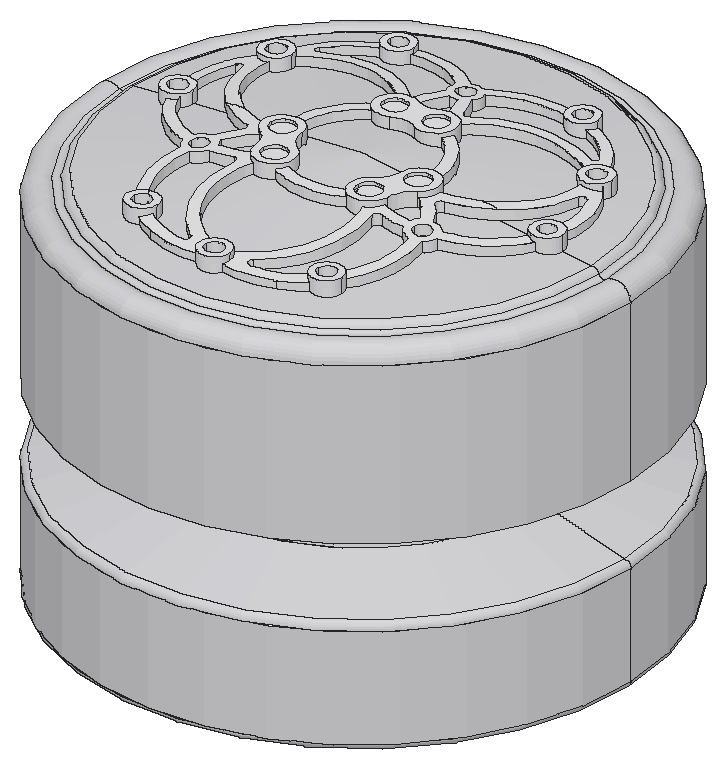
Revit family "Shower-Bodyspray-KOHLER-AWAKEN-K-97007T_1", category Plumbing Fixtures, host Face, Revit 2017 (continued)
Definition of nested family "K-97007T"
  Automatic sketch dimensions
    Extrusion 4 sketch curve to Extrusion 4 sketch curve = 0.06486"
    Extrusion 4 sketch curve to Extrusion 4 sketch curve = 0.06331"
    Extrusion 4 sketch curve to Extrusion 4 sketch curve = 0.00418"
    Extrusion 4 sketch curve to Extrusion 4 sketch curve = 0.00913"
    Extrusion 4 sketch curve to Extrusion 4 sketch curve = 0.00061"
    Extrusion 4 sketch curve to Extrusion 4 sketch curve = 0.00457"
    Extrusion 4 sketch curve to Extrusion 4 sketch curve = 0.01416"  (x2)
    Extrusion 4 sketch curve to Extrusion 4 sketch curve = 0.00005"  (x2)
    Extrusion 4 sketch curve to Extrusion 4 sketch curve = 0.00022"  (x2)
    Extrusion 4 sketch curve to Extrusion 4 sketch curve = 0.00713"
    Extrusion 4 sketch curve to Extrusion 4 sketch curve = 0.01041"
    Extrusion 4 sketch curve to Extrusion 4 sketch curve = 3/256"
    Extrusion 4 sketch curve to Extrusion 4 sketch curve = 0.0014"
    Extrusion 4 sketch curve to Extrusion 4 sketch curve = 0.00145"
    Extrusion 4 sketch curve to Extrusion 4 sketch curve = 0.00077"
    Extrusion 4 sketch curve to Extrusion 4 sketch curve = 0.00576"
    Extrusion 4 sketch curve to Extrusion 4 sketch curve = 0.00796"
    Extrusion 4 sketch curve to Extrusion 4 sketch curve = 0.00769"
    Extrusion 4 sketch curve to Extrusion 4 sketch curve = 0.00266"
    Extrusion 4 sketch curve to Extrusion 4 sketch curve = 0.12628"
    Extrusion 4 sketch curve to Extrusion 4 sketch curve = 0.11611"
    Extrusion 4 sketch curve to Extrusion 4 sketch curve = 0.00021"
    Extrusion 4 sketch curve to Extrusion 4 sketch curve = 0.11338"
    Extrusion 4 sketch curve to Extrusion 4 sketch curve = 0.09188"
    Extrusion 4 sketch curve to Extrusion 4 sketch curve = 0.09644"
    Extrusion 4 sketch curve to Extrusion 4 sketch curve = 0.10846"
    Extrusion 4 sketch curve to Extrusion 4 sketch curve = 0.01266"
    Extrusion 4 sketch curve to Extrusion 4 sketch curve = 0.1526"
    Extrusion 4 sketch curve to Extrusion 4 sketch curve = 0.15736"
    Extrusion 4 sketch curve to plane 3 "Center (Left/Right)" = 0.01555"
    Extrusion 4 sketch curve to plane 3 "Center (Left/Right)" = 0.02179"
    Extrusion 4 sketch curve to plane 3 "Center (Left/Right)" = 0.02293"
    Extrusion 4 sketch curve to plane 3 "Center (Left/Right)" = 0.02763"
    Extrusion 4 sketch curve to Extrusion 4 sketch curve = 0.03045"
    Extrusion 4 sketch curve to Extrusion 4 sketch curve = 0.02771"
    Extrusion 4 sketch curve to Extrusion 4 sketch curve = 0.0203"
    Extrusion 4 sketch curve to Extrusion 4 sketch curve = 0.03277"
    Extrusion 4 sketch curve to Extrusion 4 sketch curve = 0.01729"
    Extrusion 4 sketch curve to Extrusion 4 sketch curve = 0.02018"  (x2)
    Extrusion 4 sketch curve to Extrusion 4 sketch curve = 0.01667"
    Extrusion 4 sketch curve to Extrusion 4 sketch curve = 0.00788"  (x2)
    Extrusion 4 sketch curve to Extrusion 4 sketch curve = 0.04011"
    Extrusion 4 sketch curve to Extrusion 4 sketch curve = 0.01522"
    Extrusion 4 sketch curve to Extrusion 4 sketch curve = 0.03349"
    Extrusion 4 sketch curve to Extrusion 4 sketch curve = 0.04046"
    Extrusion 4 sketch curve to Extrusion 4 sketch curve = 0.09516"  (x2)
    Extrusion 4 sketch curve to Extrusion 4 sketch curve = 0.01477"  (x2)
    plane 1 "Center (Front/Back)" to Extrusion 4 sketch curve = 0.02283"
    Extrusion 4 sketch curve to Extrusion 4 sketch curve = 0.01436"
    Extrusion 4 sketch curve to Extrusion 4 sketch curve = 0.01375"  (x2)
    Extrusion 4 sketch curve to Extrusion 4 sketch curve = 0.0107"
    Extrusion 4 sketch curve to Extrusion 4 sketch curve = 0.03509"
    Extrusion 4 sketch curve to Extrusion 4 sketch curve = 0.03083"
    Extrusion 4 sketch curve to Extrusion 4 sketch curve = 0.02643"
    Extrusion 4 sketch curve to Extrusion 4 sketch curve = 0.00721"
    Extrusion 4 sketch curve to Extrusion 4 sketch curve = 0.00622"
    Extrusion 4 sketch curve to Extrusion 4 sketch curve = 0.05789"
    Extrusion 4 sketch curve to Extrusion 4 sketch curve = 0.01275"
    Extrusion 4 sketch curve to Extrusion 4 sketch curve = 0.02181"
    Extrusion 4 sketch curve to Extrusion 4 sketch curve = 0.00803"
    Extrusion 4 sketch curve to Extrusion 4 sketch curve = 0.03401"
    Extrusion 4 sketch curve to Extrusion 4 sketch curve = 0.03488"
    Extrusion 4 sketch curve to Extrusion 4 sketch curve = 0.00436"
    Extrusion 4 sketch curve to Extrusion 4 sketch curve = 0.03891"
    Extrusion 4 sketch curve to Extrusion 4 sketch curve = 0.01213"
    Extrusion 4 sketch curve to Extrusion 4 sketch curve = 0.048"
    Extrusion 4 sketch curve to Extrusion 4 sketch curve = 0.00849"
    Extrusion 4 sketch curve to Extrusion 4 sketch curve = 0.0065"
    Extrusion 4 sketch curve to Extrusion 4 sketch curve = 0.03626"
    Extrusion 4 sketch curve to Extrusion 4 sketch curve = 0.00895"
    Extrusion 4 sketch curve to Extrusion 4 sketch curve = 0.03443"
    plane 1 "Center (Front/Back)" to Extrusion 4 sketch curve = 0.02347"
    Extrusion 4 sketch curve to plane 1 "Center (Front/Back)" = 0.03472"
    Extrusion 4 sketch curve to plane 1 "Center (Front/Back)" = 0.02787"
    plane 3 "Center (Left/Right)" to Extrusion 4 sketch curve = 1/64"
    plane 3 "Center (Left/Right)" to Extrusion 4 sketch curve = 0.02179"
    plane 3 "Center (Left/Right)" to Extrusion 4 sketch curve = 0.02763"
    plane 3 "Center (Left/Right)" to Extrusion 4 sketch curve = 0.02327"
    Extrusion 4 sketch curve to Extrusion 4 sketch curve = 0.03105"
    Extrusion 4 sketch curve to Extrusion 4 sketch curve = 0.02841"
    Extrusion 4 sketch curve to Extrusion 4 sketch curve = 0.02038"
    Extrusion 4 sketch curve to Extrusion 4 sketch curve = 0.01714"
    Extrusion 4 sketch curve to Extrusion 4 sketch curve = 0.02042"
    Extrusion 4 sketch curve to Extrusion 4 sketch curve = 0.03669"
    Extrusion 4 sketch curve to Extrusion 4 sketch curve = 0.02791"
    Extrusion 4 sketch curve to Extrusion 4 sketch curve = 0.038"
    Extrusion 4 sketch curve to Extrusion 4 sketch curve = 0.01305"
    plane 1 "Center (Front/Back)" to Extrusion 4 sketch curve = 0.02239"
    Extrusion 4 sketch curve to Extrusion 4 sketch curve = 0.03498"
    Extrusion 4 sketch curve to Extrusion 4 sketch curve = 0.03507"
    Extrusion 4 sketch curve to Extrusion 4 sketch curve = 0.02844"
    Extrusion 4 sketch curve to Extrusion 4 sketch curve = 0.0062"
    Extrusion 4 sketch curve to Extrusion 4 sketch curve = 0.01761"
    Extrusion 4 sketch curve to Extrusion 4 sketch curve = 0.05926"
    Extrusion 4 sketch curve to Extrusion 4 sketch curve = 0.0135"
    Extrusion 4 sketch curve to Extrusion 4 sketch curve = 0.0073"
    Extrusion 4 sketch curve to Extrusion 4 sketch curve = 0.017"
    Extrusion 4 sketch curve to Extrusion 4 sketch curve = 0.03442"
    Extrusion 4 sketch curve to Extrusion 4 sketch curve = 0.03486"
    Extrusion 4 sketch curve to Extrusion 4 sketch curve = 0.04978"
    Extrusion 4 sketch curve to Extrusion 4 sketch curve = 0.03808"
    Extrusion 4 sketch curve to Extrusion 4 sketch curve = 0.0425"
    Extrusion 4 sketch curve to Extrusion 4 sketch curve = 0.01182"
    Extrusion 4 sketch curve to Extrusion 4 sketch curve = 0.05009"
    Extrusion 4 sketch curve to Extrusion 4 sketch curve = 0.01097"
    Extrusion 4 sketch curve to Extrusion 4 sketch curve = 0.03585"
    Extrusion 4 sketch curve to Extrusion 4 sketch curve = 0.03367"
    plane 1 "Center (Front/Back)" to Extrusion 4 sketch curve = 0.02055"
    Extrusion 4 sketch curve to plane 1 "Center (Front/Back)" = 0.03183"
    Extrusion 4 sketch curve to Extrusion 4 sketch curve = 0.01037"
    Extrusion 4 sketch curve to Extrusion 4 sketch curve = 0.02852"
    Extrusion 4 sketch curve to plane 1 "Center (Front/Back)" = 0.02598"
    Extrusion 4 sketch curve to Extrusion 4 sketch curve = 0.11955"
    Extrusion 4 sketch curve to Extrusion 4 sketch curve = 0.10973"
    plane 3 "Center (Left/Right)" to Extrusion 4 sketch curve = 0.07638"
    Extrusion 4 sketch curve to Extrusion 4 sketch curve = 0.02854"
    Extrusion 4 sketch curve to Extrusion 4 sketch curve = 0.01351"
    Extrusion 4 sketch curve to Extrusion 4 sketch curve = 0.19176"
    Extrusion 8 sketch curve to plane 3 "Center (Left/Right)" = 0.40979"
    plane 3 "Center (Left/Right)" to Extrusion 8 sketch curve = 0.00073"
    plane 3 "Center (Left/Right)" to Extrusion 8 sketch curve = 0.41069"
    plane 1 "Center (Front/Back)" to Extrusion 8 sketch curve = 0.23708"
    Extrusion 8 sketch curve to plane 1 "Center (Front/Back)" = 0.47438"
    plane 1 "Center (Front/Back)" to Extrusion 8 sketch curve = 0.23782"
    plane 7 to Revolve 1 sketch curve = 0"  (x2)
    Revolve 1 sketch curve to level = 0"  (x2)
    Revolve 1 sketch curve to Revolve 1 sketch curve = 0.02024"
    Revolve 1 sketch curve to plane 7 = 0.02111"
    Revolve 1 sketch curve to Revolve 1 sketch curve = 0.00674"
    Revolve 1 sketch curve to Revolve 1 sketch curve = 0.05705"
    Revolve 1 sketch curve to Revolve 1 sketch curve = 0.04394"
    Revolve 1 sketch curve to Revolve 1 sketch curve = 0.04755"
    Revolve 1 sketch curve to Revolve 1 sketch curve = 0.29383"
    Revolve 1 sketch curve to Revolve 1 sketch curve = 0.0579"
    Revolve 1 sketch curve to plane 3 "Center (Left/Right)" = 0.00326"
    Revolve 1 sketch curve to plane 8 = 0.00016"
    plane 3 "Center (Left/Right)" to Revolve 1 sketch curve = 0.00031"
    Revolve 1 sketch curve to level = 3.30017"
    Revolve 1 sketch curve to Revolve 1 sketch curve = 0.37242"
    Revolve 1 sketch curve to Revolve 1 sketch curve = 0.07326"
    Revolve 1 sketch curve to Revolve 1 sketch curve = 0.18836"
    Revolve 1 sketch curve to plane 8 = 0.14943"
    Revolve 1 sketch curve to Revolve 1 sketch curve = 0.0416"
    Revolve 1 sketch curve to Revolve 1 sketch curve = 0.0129"
    Revolve 1 sketch curve to Revolve 1 sketch curve = 0"  (x3)
    plane 8 to Revolve 1 sketch curve = 0.19731"
    plane 1 "Center (Front/Back)" to Masking region 1 sketch curve = 0"
    Masking region 1 sketch curve to plane 3 "Center (Left/Right)" = 0"
    curve 3 to curve 4 = 0"  (x2)
    curve 5 to curve 6 = 0"  (x2)
    curve 5 to curve 126 = 0"  (x2)
    curve 5 to curve 127 = 0"  (x2)
    curve 6 to curve 126 = 0"  (x2)
    curve 6 to curve 127 = 0"  (x2)
    curve 12 to curve 13 = 0"  (x2)
    curve 12 to curve 128 = 0"  (x2)
    curve 12 to curve 129 = 0"  (x2)
    curve 13 to curve 128 = 0"  (x2)
    curve 13 to curve 129 = 0"  (x2)
    curve 17 to curve 18 = 0"  (x2)
    curve 19 to curve 22 = 0"  (x2)
    curve 19 to curve 132 = 0"  (x2)
    curve 19 to curve 133 = 0"  (x2)
    curve 20 to curve 21 = 0"  (x2)
    curve 20 to curve 36 = 0"  (x2)
    curve 20 to curve 39 = 0"  (x2)
    curve 21 to curve 36 = 0"  (x2)
    curve 21 to curve 39 = 0"  (x2)
    curve 22 to curve 132 = 0"  (x2)
    curve 22 to curve 133 = 0"  (x2)
    curve 30 to curve 31 = 0"  (x2)
    curve 34 to curve 35 = 0"  (x2)
    curve 34 to curve 130 = 0"  (x2)
    curve 34 to curve 131 = 0"  (x2)
    curve 35 to curve 130 = 0"  (x2)
    curve 35 to curve 131 = 0"  (x2)
    curve 36 to curve 39 = 0"  (x2)
    curve 37 to curve 38 = 0"  (x2)
    curve 45 to curve 50 = 0"  (x2)
    curve 45 to curve 51 = 0"  (x2)
    curve 48 to curve 49 = 0"  (x2)
    curve 50 to curve 51 = 0"  (x2)
    curve 61 to curve 62 = 0"  (x2)
    curve 61 to curve 65 = 0"  (x2)
    curve 61 to curve 138 = 0"  (x2)
    curve 61 to curve 139 = 0"  (x2)
    curve 62 to curve 65 = 0"  (x2)
    curve 62 to curve 138 = 0"  (x2)
    curve 62 to curve 139 = 0"  (x2)
    curve 63 to curve 64 = 0"  (x2)
    curve 65 to curve 138 = 0"  (x2)
    curve 65 to curve 139 = 0"  (x2)
    curve 70 to curve 71 = 0"  (x2)
    curve 70 to curve 140 = 0"  (x2)
    curve 70 to curve 141 = 0"  (x2)
    curve 71 to curve 140 = 0"  (x2)
    curve 71 to curve 141 = 0"  (x2)
    curve 74 to curve 75 = 0"  (x2)
    curve 81 to curve 82 = 0"  (x2)
    curve 96 to curve 98 = 0"  (x2)
    curve 96 to curve 146 = 0"  (x2)
    curve 96 to curve 147 = 0"  (x2)
    curve 98 to curve 146 = 0"  (x2)
    curve 98 to curve 147 = 0"  (x2)
    curve 101 to curve 102 = 0"  (x2)
    curve 101 to curve 134 = 0"  (x2)
    curve 101 to curve 135 = 0"  (x2)
    curve 102 to curve 134 = 0"  (x2)
    curve 102 to curve 135 = 0"  (x2)
    curve 103 to curve 104 = 0"  (x2)
    curve 105 to curve 106 = 0"  (x2)
    curve 107 to curve 108 = 0"  (x2)
    curve 109 to curve 110 = 0"  (x2)
    curve 111 to curve 112 = 0"  (x2)
    curve 113 to curve 114 = 0"  (x2)
    curve 126 to curve 127 = 0"  (x2)
    curve 128 to curve 129 = 0"  (x2)
    curve 130 to curve 131 = 0"  (x2)
    curve 132 to curve 133 = 0"  (x2)
    curve 134 to curve 135 = 0"  (x2)
    curve 136 to curve 137 = 0"  (x2)
    curve 138 to curve 139 = 0"  (x2)
    curve 140 to curve 141 = 0"  (x2)
    curve 142 to curve 143 = 0"  (x2)
    curve 144 to curve 145 = 0"  (x2)
    curve 146 to curve 147 = 0"  (x2)
    curve 154 to curve 155 = 0"  (x2)
    plane 1 "Center (Front/Back)" to curve 13 = 0"
    curve 101 to plane 3 "Center (Left/Right)" = 0"
    curve 99 to plane 3 "Center (Left/Right)" = 0"
    plane 1 "Center (Front/Back)" to curve 154 = 0"
    curve 154 to plane 3 "Center (Left/Right)" = 0"
    curve 85 to plane 3 "Center (Left/Right)" = 0"
    plane 1 "Center (Front/Back)" to curve 70 = 0"
    curve 116 to plane 3 "Center (Left/Right)" = 0"
    curve 120 to plane 3 "Center (Left/Right)" = 0.00003"
    curve 104 to plane 3 "Center (Left/Right)" = 0.07638"
    curve 149 to curve 104 = 0.00014"
    curve 87 to curve 103 = 0.00028"
    curve 26 to plane 3 "Center (Left/Right)" = 0.07998"
    curve 41 to plane 3 "Center (Left/Right)" = 0.08466"
    curve 47 to curve 41 = 0"
    curve 37 to curve 47 = 0.01255"
    curve 123 to plane 3 "Center (Left/Right)" = 0.09989"
    curve 15 to curve 37 = 0.00284"
    curve 25 to curve 15 = 0"
    curve 20 to curve 37 = 0.00838"
    curve 40 to plane 3 "Center (Left/Right)" = 0.12184"
    curve 153 to curve 26 = 0.09334"
    curve 110 to curve 153 = 0.0001"
    curve 29 to curve 109 = 0.00105"
    plane 1 "Center (Front/Back)" to curve 108 = 0.05438"
    curve 108 to curve 29 = 0.07493"
    curve 152 to curve 107 = 0.00002"
    curve 27 to curve 107 = 0.00173"
    curve 91 to curve 87 = 0.17842"
    curve 90 to curve 91 = 0.00004"
    curve 9 to curve 90 = 0.00075"
    curve 8 to curve 9 = 0.00025"
    curve 2 to curve 8 = 0.00048"
    curve 95 to curve 90 = 0.00572"
    curve 32 to curve 29 = 0.09423"
    curve 1 to curve 2 = 0.01573"
    curve 97 to curve 1 = 0"
    curve 23 to plane 1 "Center (Front/Back)" = 0.02007"
    curve 23 to curve 27 = 0.08484"
    curve 33 to curve 23 = 0"
    curve 35 to curve 40 = 0.21757"
    curve 3 to curve 97 = 0.06709"
    curve 125 to curve 3 = 0.00159"
    curve 28 to curve 32 = 0.07577"
    curve 94 to curve 33 = 0.0209"
    curve 93 to curve 94 = 0.00002"
    curve 18 to curve 93 = 0.00768"
    curve 14 to curve 28 = 0.02194"
    curve 7 to curve 17 = 0.00801"
    curve 11 to curve 7 = 0.00007"
    curve 16 to curve 28 = 0.06532"
    curve 22 to curve 16 = 0"
    curve 24 to curve 19 = 0.04557"
    curve 100 to curve 125 = 0.16492"
    curve 5 to curve 100 = 0.08273"
    curve 10 to curve 5 = 0.04204"
    curve 129 to curve 10 = 0.04815"
    plane 3 "Center (Left/Right)" to curve 119 = 0"
    curve 119 to curve 118 = 0"
    plane 3 "Center (Left/Right)" to curve 115 = 0.00007"
    plane 3 "Center (Left/Right)" to curve 117 = 0.00061"
    plane 3 "Center (Left/Right)" to curve 89 = 0.00069"
    plane 3 "Center (Left/Right)" to curve 92 = 0.00073"
    curve 92 to curve 147 = 0"
    plane 3 "Center (Left/Right)" to curve 105 = 0.07638"
    curve 106 to curve 148 = 0.00014"
    curve 105 to curve 86 = 0.00028"
    plane 3 "Center (Left/Right)" to curve 57 = 0.07998"
    plane 3 "Center (Left/Right)" to curve 30 = 0.08466"
    curve 31 to curve 44 = 0.01255"
    curve 44 to curve 42 = 0"
    plane 3 "Center (Left/Right)" to curve 124 = 0.09951"
    curve 44 to curve 66 = 0.00282"
    curve 66 to curve 58 = 0"
    curve 42 to curve 50 = 0.00838"
    curve 45 to curve 43 = 0"
    plane 3 "Center (Left/Right)" to curve 46 = 0.12184"
    curve 57 to curve 151 = 0.09334"
    curve 151 to curve 114 = 0.0001"
    curve 113 to curve 54 = 0.00105"
    plane 1 "Center (Front/Back)" to curve 111 = 0.05438"
    curve 54 to curve 111 = 0.07493"
    curve 112 to curve 150 = 0.00002"
    curve 112 to curve 56 = 0.00173"
    curve 148 to curve 83 = 0.17528"
    curve 83 to curve 88 = 0.00327"
    curve 88 to curve 121 = 0"  (x2)
    curve 121 to curve 68 = 0.00074"
    curve 68 to curve 69 = 0.00006"
    curve 83 to curve 84 = 0.00471"
    curve 54 to curve 52 = 0.09423"
    curve 84 to curve 77 = 0.01584"
    curve 77 to curve 76 = 0.00004"
    curve 53 to plane 1 "Center (Front/Back)" = 0.02019"
    curve 56 to curve 53 = 0.08486"
    curve 53 to curve 60 = 0.00025"
    curve 46 to curve 137 = 0.21757"
    curve 76 to curve 144 = 0.06704"
    curve 49 to curve 136 = 0"
    curve 144 to curve 82 = 0"
    curve 52 to curve 55 = 0.07577"
    curve 60 to curve 79 = 0.02078"
    curve 79 to curve 80 = 0.00081"
    curve 80 to curve 63 = 0.00681"
    curve 55 to curve 67 = 0.02368"
    curve 80 to curve 73 = 0.01446"
    curve 73 to curve 72 = 0.0004"
    curve 55 to curve 138 = 0.06622"
    curve 65 to curve 59 = 0.04506"
    curve 81 to curve 78 = 0.16977"
    curve 78 to curve 74 = 0.07945"
    curve 74 to curve 143 = 0"
    curve 142 to curve 122 = 0.0404"
    curve 122 to curve 141 = 0.04979"
    curve 27 to curve 107 = 0.00011"
    curve 56 to curve 112 = 0.00011"
    curve 14 to curve 108 = 0.0435"
    curve 67 to curve 112 = 0.04385"
    curve 153 to curve 108 = 0.13277"
    curve 151 to curve 112 = 0.13277"
    curve 29 to curve 153 = 0.00012"
    curve 54 to curve 151 = 0.00012"
    curve 110 to curve 153 = 0.00015"
    curve 113 to curve 151 = 0.00015"
    curve 55 to curve 67 = 0.09867"
    curve 28 to curve 14 = 0.09902"
    curve 132 to curve 28 = 0.04017"
    curve 132 to curve 16 = 0"
    curve 139 to curve 55 = 0.04091"
    curve 24 to curve 132 = 0.02746"
    curve 59 to curve 139 = 0.0305"
    curve 52 to curve 113 = 0.08218"
    curve 32 to curve 109 = 0.08218"
    curve 66 to curve 113 = 0.16505"
    curve 15 to curve 110 = 0.16511"
    curve 25 to curve 15 = 0.00003"
    curve 58 to curve 66 = 0.00016"
    curve 31 to curve 58 = 0.00768"
    curve 47 to curve 25 = 0.00776"
    curve 41 to curve 47 = 0"
    curve 21 to curve 25 = 0.00857"
    curve 45 to curve 58 = 0.0085"
    curve 43 to curve 45 = 0"
    curve 44 to curve 45 = 0.00256"
    curve 38 to curve 20 = 0.00256"
    curve 42 to curve 44 = 0"
    curve 49 to curve 43 = 0.22792"
    curve 130 to curve 20 = 0.22792"
    curve 136 to curve 48 = 0"
    curve 46 to curve 48 = 0.06836"
    curve 40 to curve 34 = 0.06836"
    curve 101 to curve 40 = 0.02254"
    curve 112 to curve 150 = 0.00028"
    curve 107 to curve 152 = 0.00028"
    plane 1 "Center (Front/Back)" to curve 26 = 0.0442"
    plane 1 "Center (Front/Back)" to curve 57 = 0.0442"
    plane 1 "Center (Front/Back)" to curve 120 = 0.00006"
    plane 1 "Center (Front/Back)" to curve 115 = 0.00004"
    plane 1 "Center (Front/Back)" to curve 118 = 0"
    curve 118 to curve 119 = 0"
    curve 116 to plane 1 "Center (Front/Back)" = 0"
    curve 117 to plane 1 "Center (Front/Back)" = 0.00033"
    curve 23 to curve 33 = 0.00012"
    curve 53 to curve 60 = 0.002"
    curve 33 to curve 18 = 0.06486"
    curve 60 to curve 63 = 0.06331"
    curve 17 to curve 94 = 0.00418"
    curve 94 to curve 93 = 0.00004"
    curve 117 to curve 99 = 0.09021"
    curve 64 to curve 80 = 0.00913"
    curve 80 to curve 79 = 0.00061"
    curve 80 to curve 72 = 0.00457"
    curve 17 to curve 11 = 0.01416"
    curve 11 to curve 7 = 0.00005"
    curve 72 to curve 73 = 0.00022"
    curve 10 to plane 1 "Center (Front/Back)" = 0.21341"
    curve 122 to plane 1 "Center (Front/Back)" = 0.22359"
    curve 99 to curve 87 = 0.15337"
    curve 87 to curve 86 = 0"
    curve 86 to curve 106 = 0.00021"
    curve 87 to curve 103 = 0.00021"
    curve 104 to curve 149 = 0.00076"
    curve 106 to curve 148 = 0.00076"
    curve 103 to curve 95 = 0.00713"
    curve 106 to curve 88 = 0.01883"
    curve 95 to curve 91 = 3/256"
    curve 91 to curve 90 = 0"
    curve 90 to curve 9 = 0.0014"
    curve 121 to curve 69 = 0.00145"
    curve 69 to curve 68 = 0.00005"
    curve 9 to curve 8 = 0.00077"
    curve 68 to curve 83 = 0.00575"
    curve 69 to curve 77 = 0.00796"
    curve 8 to curve 2 = 0.00769"
    curve 83 to curve 84 = 0.00267"
    curve 77 to curve 76 = 0.00052"
    curve 2 to curve 1 = 0.00022"
    curve 1 to curve 97 = 0"
    curve 10 to curve 5 = 0.12629"
    curve 122 to curve 143 = 0.11611"
    curve 142 to curve 75 = 0.0002"
    curve 148 to curve 124 = 0.12375"
    curve 104 to curve 123 = 0.12741"
    curve 123 to curve 85 = 0.02442"
    curve 74 to curve 78 = 0.09168"
    curve 6 to curve 100 = 0.09664"
    curve 85 to curve 92 = 0.07842"
    curve 92 to curve 98 = 0"
    curve 96 to curve 89 = 0.01266"
    curve 78 to curve 81 = 0.1569"
    curve 81 to curve 144 = 0.00045"
    curve 100 to curve 4 = 0.1526"
    curve 3 to curve 125 = 0.00153"
    curve 88 to plane 3 "Center (Left/Right)" = 0.01555"
    curve 96 to plane 3 "Center (Left/Right)" = 0.02293"
    curve 147 to plane 3 "Center (Left/Right)" = 0.03121"
    curve 135 to curve 101 = 0.03309"
    curve 104 to plane 3 "Center (Left/Right)" = 0.03452"
    curve 30 to curve 134 = 0.00745"
    curve 85 to plane 3 "Center (Left/Right)" = 0.04555"
    curve 87 to curve 85 = 0"
    curve 99 to curve 87 = 0"
    curve 121 to curve 147 = 0.01479"
    curve 37 to curve 134 = 0.01447"
    curve 98 to curve 146 = 0.01942"
    curve 88 to curve 85 = 0.0073"
    curve 102 to curve 134 = 0.02216"
    curve 123 to curve 121 = 0.01962"
    curve 123 to curve 121 = 0"
    curve 153 to curve 117 = 0.06462"
    curve 93 to curve 123 = 0"
    curve 40 to curve 31 = 0.00788"
    curve 40 to curve 31 = 0"
    curve 94 to curve 123 = 0.00119"
    curve 38 to curve 40 = 0"
    curve 116 to curve 103 = 0.01025"
    curve 109 to curve 117 = 0.02142"
    curve 118 to curve 117 = 0.02341"
    curve 29 to curve 109 = 0.00628"
    curve 26 to curve 29 = 0"
    curve 115 to curve 103 = 0.02683"
    curve 27 to curve 26 = 0"
    curve 31 to curve 30 = 0.04881"
    curve 108 to curve 27 = 0.02394"
    curve 39 to curve 40 = 0.09516"
    curve 36 to curve 39 = 0.01477"
    curve 116 to plane 1 "Center (Front/Back)" = 0.01289"
    curve 152 to curve 116 = 0.01356"
    curve 29 to curve 23 = 0.00151"
    curve 28 to curve 29 = 0"
    curve 32 to curve 31 = 0"
    curve 33 to curve 32 = 0"
    curve 115 to plane 1 "Center (Front/Back)" = 0.01024"
    curve 115 to curve 116 = 0.03942"
    curve 34 to curve 34 = 0.05512"
    curve 4 to curve 4 = 0.05512"
    curve 95 to curve 3 = 0.00201"
    curve 39 to curve 34 = 0.00374"
    curve 2 to curve 3 = 0.00673"
    curve 25 to curve 28 = 0.00493"
    curve 131 to curve 34 = 0.02325"
    curve 36 to curve 39 = 0.02661"
    curve 8 to curve 107 = 7/256"
    curve 23 to curve 28 = 0.00743"
    curve 14 to curve 15 = 0.01275"
    curve 14 to curve 15 = 0"
    curve 131 to curve 21 = 0.01322"
    curve 33 to curve 24 = 0.00803"
    curve 9 to curve 14 = 0"
    curve 24 to curve 28 = 0.02358"
    curve 133 to curve 22 = 0.01872"
    curve 4 to curve 97 = 0.01258"
    curve 34 to curve 20 = 0.00653"
    curve 4 to curve 1 = 0.00005"
    curve 16 to curve 22 = 0.00436"
    curve 16 to curve 24 = 0.03891"
    curve 24 to curve 19 = 0.01213"
    curve 16 to curve 133 = 0.01402"
    curve 18 to curve 24 = 0.00849"
    curve 100 to curve 93 = 0"
    curve 97 to curve 100 = 0"
    curve 126 to curve 6 = 0.05647"
    curve 94 to curve 5 = 0.00283"
    curve 127 to curve 5 = 0.0236"
    curve 126 to curve 8 = 0.01216"
    curve 1 to curve 5 = 0.00152"
    curve 10 to curve 9 = 0"
    curve 12 to curve 13 = 0.05512"
    curve 6 to curve 7 = 0.00797"
    plane 1 "Center (Front/Back)" to curve 17 = 0.04128"
    curve 128 to curve 12 = 0.02168"
    curve 11 to curve 10 = 0"
    curve 11 to plane 1 "Center (Front/Back)" = 0.05416"
    curve 18 to curve 17 = 0.03695"
    curve 7 to curve 11 = 0.0387"
    plane 3 "Center (Left/Right)" to curve 89 = 1/64"
    plane 3 "Center (Left/Right)" to curve 96 = 0.02327"
    plane 3 "Center (Left/Right)" to curve 105 = 0.03452"
    curve 135 to curve 41 = 0.00745"
    curve 86 to curve 85 = 0"
    curve 147 to curve 92 = 0.01399"
    curve 42 to curve 101 = 0.00768"
    curve 146 to curve 83 = 0.01899"
    curve 85 to curve 90 = 0.00722"
    curve 91 to curve 124 = 0.01852"
    curve 124 to curve 91 = 0"
    curve 117 to curve 151 = 0.06445"
    curve 79 to curve 124 = 0"
    curve 46 to curve 46 = 0.00788"
    curve 47 to curve 46 = 0"
    curve 124 to curve 80 = 0.00477"
    curve 44 to curve 46 = 0"
    curve 105 to curve 120 = 0.01022"
    curve 117 to curve 114 = 0.02124"
    curve 117 to curve 118 = 0.02324"
    curve 113 to curve 57 = 0.00628"
    curve 54 to curve 57 = 0"
    curve 105 to curve 119 = 0.02684"
    curve 56 to curve 57 = 0"
    curve 41 to curve 47 = 0.04881"
    curve 57 to curve 111 = 0.02394"
    curve 46 to curve 45 = 0.09516"
    curve 45 to curve 42 = 0.01477"
    curve 120 to plane 1 "Center (Front/Back)" = 0.01289"
    curve 120 to curve 150 = 0.01357"
    curve 60 to curve 54 = 0.00177"
    curve 55 to curve 54 = 0"
    curve 52 to curve 47 = 0"
    curve 53 to curve 52 = 0"
    curve 119 to plane 1 "Center (Front/Back)" = 0.0102"
    curve 120 to curve 119 = 0.03954"
    curve 48 to curve 48 = 0.05512"
    curve 81 to curve 144 = 0.05507"
    curve 48 to curve 45 = 0.00374"
    curve 81 to curve 84 = 0.00672"
    curve 56 to curve 58 = 0.00482"
    curve 48 to curve 136 = 0.02328"
    curve 81 to curve 145 = 0.02375"
    curve 45 to curve 43 = 0.02661"
    curve 111 to curve 69 = 0.02742"
    curve 55 to curve 59 = 0.00696"
    curve 67 to curve 67 = 0.0135"
    curve 66 to curve 67 = 0"
    curve 51 to curve 137 = 0.01319"
    curve 59 to curve 53 = 0.0073"
    curve 68 to curve 67 = 0"
    curve 55 to curve 59 = 0.02396"
    curve 145 to curve 77 = 0.00882"
    curve 61 to curve 138 = 0.0209"
    curve 50 to curve 48 = 0.00653"
    curve 61 to curve 59 = 0.04978"
    curve 59 to curve 66 = 0.03808"
    curve 62 to curve 59 = 0.01182"
    curve 138 to curve 65 = 0.01484"
    curve 139 to curve 62 = 0.02496"
    curve 78 to curve 79 = 0"
    curve 74 to curve 74 = 0.05668"
    curve 74 to curve 80 = 0.00272"
    curve 74 to curve 143 = 0.02461"
    curve 69 to curve 142 = 0.01162"
    curve 122 to curve 68 = 0"
    curve 70 to curve 70 = 0.05512"
    curve 73 to curve 74 = 0.00861"
    curve 72 to curve 122 = 0"
    plane 1 "Center (Front/Back)" to curve 64 = 0.04106"
    curve 70 to curve 140 = 0.02408"
    curve 72 to plane 1 "Center (Front/Back)" = 0.05416"
    curve 64 to curve 63 = 0.03685"
    curve 72 to curve 73 = 0.03775"
    curve 18 to curve 17 = 0.01383"
    curve 63 to curve 64 = 0.01406"
    curve 28 to curve 25 = 0.00355"
    curve 56 to curve 58 = 0.00346"
    curve 117 to curve 110 = 0.02113"
    curve 118 to curve 117 = 0.03343"
    curve 52 to curve 41 = 0.02374"
    curve 31 to curve 30 = 0.02374"
    curve 36 to curve 39 = 0.02927"
    curve 43 to curve 45 = 0.02927"
    curve 111 to curve 69 = 0.0035"
    curve 107 to curve 8 = 0.00499"
    curve 7 to curve 11 = 0.00695"
    curve 73 to curve 72 = 0.0064"
    curve 80 to curve 124 = 0.05494"
    curve 94 to curve 123 = 0.05489"
    curve 85 to curve 90 = 0.00314"
    curve 5 to curve 1 = 0.05645"
    curve 95 to curve 2 = 0.02787"
    plane 7 to Masking region 2 sketch curve = 0"  (x2)
    Masking region 2 sketch curve to plane 5 = 0"  (x2)
    Masking region 2 sketch curve to plane 7 = 0.0288"
    Masking region 2 sketch curve to plane 7 = 0.03876"
    Masking region 2 sketch curve to plane 7 = 0.0538"
    Masking region 2 sketch curve to plane 7 = 0.06389"
    Masking region 2 sketch curve to plane 8 = 0.05639"  (x2)
    Masking region 2 sketch curve to Masking region 2 sketch curve = 0.20137"
    Masking region 2 sketch curve to Masking region 2 sketch curve = 0.28613"
    Masking region 2 sketch curve to Masking region 2 sketch curve = 0.0579"  (x2)
    Masking region 2 sketch curve to plane 8 = 0.02298"  (x2)
    Masking region 2 sketch curve to Masking region 2 sketch curve = 0.19685"  (x2)
    Masking region 2 sketch curve to plane 8 = 0.00815"  (x2)
    Masking region 2 sketch curve to Masking region 2 sketch curve = 0.212"  (x2)
    Masking region 2 sketch curve to plane 8 = 0.00878"
    Masking region 2 sketch curve to Masking region 2 sketch curve = 0.1035"
    plane 8 to Masking region 2 sketch curve = 0.02268"  (x2)
    plane 3 "Center (Left/Right)" to Masking region 2 sketch curve = 0.06042"
    Masking region 2 sketch curve to Masking region 2 sketch curve = 0.25981"
    Masking region 2 sketch curve to Masking region 2 sketch curve = 0.37283"
    Masking region 2 sketch curve to plane 5 = 0.06389"
    Masking region 2 sketch curve to plane 5 = 0.0538"
    Masking region 2 sketch curve to plane 5 = 0.03876"
    Masking region 2 sketch curve to plane 5 = 0.0288"
    level to Masking region 2 sketch curve = 0.38165"  (x2)
    Masking region 2 sketch curve to Masking region 2 sketch curve = 0.01387"  (x2)
    Masking region 2 sketch curve to Masking region 2 sketch curve = 0.07134"  (x2)
    Masking region 2 sketch curve to Masking region 2 sketch curve = 0.2597"  (x2)
    Masking region 2 sketch curve to plane 8 = 0.152"  (x2)
    Masking region 2 sketch curve to Masking region 2 sketch curve = 0.00895"  (x2)
    Masking region 3 sketch curve to plane 6 = 0"  (x2)
    Masking region 3 sketch curve to plane 4 = 0"  (x2)
    Masking region 3 sketch curve to plane 6 = 0.0288"
    Masking region 3 sketch curve to plane 6 = 0.03876"
    Masking region 3 sketch curve to plane 6 = 0.0538"
    Masking region 3 sketch curve to plane 6 = 0.06389"
    Masking region 3 sketch curve to plane 8 = 0.05641"  (x2)
    Masking region 3 sketch curve to Masking region 3 sketch curve = 0.20137"
    Masking region 3 sketch curve to Masking region 3 sketch curve = 0.28613"
    Masking region 3 sketch curve to Masking region 3 sketch curve = 0.0579"  (x2)
    Masking region 3 sketch curve to plane 8 = 0.023"  (x2)
    Masking region 3 sketch curve to Masking region 3 sketch curve = 0.19685"  (x2)
    Masking region 3 sketch curve to plane 8 = 0.00817"  (x2)
    Masking region 3 sketch curve to Masking region 3 sketch curve = 0.212"  (x2)
    plane 8 to Masking region 3 sketch curve = 0.02267"  (x2)
    plane 1 "Center (Front/Back)" to Masking region 3 sketch curve = 0.06042"
    Masking region 3 sketch curve to plane 8 = 0.00879"
    Masking region 3 sketch curve to plane 1 "Center (Front/Back)" = 0.21673"
    Masking region 3 sketch curve to Masking region 3 sketch curve = 0.1035"
    Masking region 3 sketch curve to Masking region 3 sketch curve = 0.37283"
    Masking region 3 sketch curve to plane 4 = 0.06389"
    Masking region 3 sketch curve to plane 4 = 0.0538"
    Masking region 3 sketch curve to plane 4 = 0.03876"
    Masking region 3 sketch curve to plane 4 = 0.0288"
    level to Masking region 3 sketch curve = 0.38163"  (x2)
    Masking region 3 sketch curve to Masking region 3 sketch curve = 0.01387"  (x2)
    Masking region 3 sketch curve to Masking region 3 sketch curve = 0.07134"  (x2)
    Masking region 3 sketch curve to Masking region 3 sketch curve = 0.2597"  (x2)
    Masking region 3 sketch curve to plane 8 = 0.15202"  (x2)
    Masking region 3 sketch curve to Masking region 3 sketch curve = 0.00895"  (x2)
    Revolve 5 sketch curve to plane 8 = 0.07609"
    curve 194 to plane 6 = 0"
    curve 190 to plane 6 = 0"
    curve 190 to plane 4 = 0"
    curve 194 to plane 4 = 0"
    curve 210 to plane 8 = 0.06195"
    curve 210 to plane 6 = 0.43132"
    curve 208 to plane 8 = 0.05115"
    curve 218 to curve 208 = 0.21106"
    curve 207 to curve 207 = 0.11126"
    plane 1 "Center (Front/Back)" to curve 215 = 0.03"
    curve 204 to plane 1 "Center (Front/Back)" = 0.07816"
    curve 197 to plane 8 = 0.05835"
    curve 203 to curve 197 = 0.31546"
    curve 197 to curve 197 = 0.08223"
    curve 211 to plane 8 = 0.05641"
    curve 196 to curve 211 = 0.16721"
    curve 215 to plane 8 = 0.04819"
    curve 193 to plane 6 = 0.0288"
    curve 189 to plane 6 = 0.0538"
    curve 210 to curve 209 = 0.18171"
    curve 193 to curve 192 = 0.34201"
    curve 192 to curve 191 = 0.00202"
    curve 200 to plane 8 = 0.00879"
    curve 208 to curve 200 = 0.02191"
    curve 215 to curve 206 = 0.00096"
    curve 202 to curve 206 = 0"
    curve 201 to curve 205 = 0.09962"
    curve 200 to curve 205 = 0.03042"
    curve 199 to plane 8 = 0.00817"
    curve 203 to curve 199 = 0.13505"
    curve 199 to curve 198 = 0.07339"
    curve 196 to curve 211 = 0.00108"
    curve 192 to plane 4 = 0.37283"
    curve 191 to curve 192 = 0"
    curve 188 to curve 188 = 0.08603"
    curve 189 to plane 4 = 0.0538"
    curve 193 to plane 4 = 0.0288"
    curve 189 to plane 8 = 0.0883"
    curve 190 to curve 189 = 0.05477"
    curve 191 to curve 209 = 0.6741"
    curve 192 to curve 191 = 0.18836"
    curve 193 to curve 192 = 0.07134"
    curve 194 to curve 193 = 0.02607"
    curve 197 to curve 214 = 0.01053"
    curve 188 to curve 212 = 0.00859"
    curve 209 to curve 218 = 0.01948"
    curve 203 to curve 214 = 0.01138"
    curve 215 to curve 216 = 3/256"
    curve 207 to curve 218 = 0.02073"
    curve 218 to curve 209 = 0.01948"
    curve 195 to plane 8 = 0.023"
    curve 196 to plane 8 = 0.01905"
    curve 198 to plane 8 = 0.01325"
    curve 208 to plane 8 = 0.00968"
    curve 203 to plane 8 = 0.00879"
    curve 205 to plane 8 = 0.00654"
    plane 8 to curve 201 = 0.02268"
    plane 8 to curve 202 = 0.02268"
    plane 1 "Center (Front/Back)" to Extrusion 9 sketch curve = 0"
    Extrusion 9 sketch curve to plane 3 "Center (Left/Right)" = 0"
    plane 7 to curve 161 = 0"
    plane 7 to curve 157 = 0"
    curve 161 to plane 5 = 0"
    curve 157 to plane 5 = 0"
    curve 187 to plane 8 = 0.0612"
    curve 187 to plane 7 = 0.34002"
    curve 166 to curve 168 = 0.112"
    curve 168 to curve 169 = 0.09115"
    curve 172 to plane 8 = 0.04598"
    curve 172 to plane 3 "Center (Left/Right)" = 0.13336"
    curve 172 to plane 3 "Center (Left/Right)" = 0.05275"
    curve 174 to plane 8 = 0.04726"
    plane 3 "Center (Left/Right)" to curve 174 = 0.24928"
    curve 174 to curve 184 = 0.10768"
    curve 184 to plane 8 = 0.05847"
    curve 175 to curve 184 = 0.15716"
    curve 177 to curve 179 = 0.07043"
    curve 160 to plane 7 = 0.0288"
    curve 156 to plane 7 = 0.0538"
    curve 167 to curve 167 = 0.0897"
    curve 158 to plane 7 = 0.37283"
    curve 158 to curve 159 = 0"  (x2)
    curve 162 to plane 8 = 0.00815"
    curve 170 to curve 162 = 0.12086"
    curve 162 to curve 171 = 0.07873"
    curve 163 to plane 8 = 0.00878"
    plane 3 "Center (Left/Right)" to curve 163 = 0.06042"
    curve 163 to curve 164 = 0.08534"
    plane 8 to curve 165 = 0.02268"
    curve 174 to curve 165 = 0.03973"
    curve 163 to curve 176 = 0.032"
    curve 158 to plane 5 = 0.3722"
    curve 178 to curve 186 = 0.15762"
    curve 156 to plane 5 = 0.0538"
    curve 160 to plane 5 = 0.0288"
    level to curve 161 = 0.39552"
    curve 161 to curve 160 = 0.02607"
    curve 160 to curve 159 = 0.07134"
    curve 159 to curve 158 = 0.18836"
    curve 157 to plane 8 = 0.14305"
    curve 157 to curve 156 = 0.05477"
    curve 166 to curve 167 = 0.00396"
    curve 177 to curve 185 = 0.01838"
    curve 169 to curve 181 = 0.02204"
    curve 171 to curve 181 = 0.0186"
    curve 175 to curve 185 = 0.02052"
    curve 172 to curve 183 = 0.02015"
    curve 179 to plane 8 = 0.02298"
    curve 168 to plane 8 = 0.02298"
    curve 166 to plane 8 = 0.02298"
    curve 185 to curve 177 = 0.01838"
    curve 170 to plane 8 = 0.01711"
    curve 176 to plane 8 = 0.01072"
    curve 171 to plane 8 = 0.00878"
    curve 173 to plane 8 = 0.00568"
    plane 8 to curve 164 = 0.02268"
    plane 7 to Revolve 10 sketch curve = 0"  (x2)
    Revolve 10 sketch curve to level = 0"  (x2)
    Revolve 10 sketch curve to plane 3 "Center (Left/Right)" = 0"  (x2)
    Revolve 10 sketch curve to plane 8 = 0"
    Revolve 10 sketch curve to Revolve 10 sketch curve = 0.37217"
    Revolve 10 sketch curve to Revolve 10 sketch curve = 0.49273"
    Revolve 10 sketch curve to Revolve 10 sketch curve = 0.18856"
    Revolve 10 sketch curve to Revolve 10 sketch curve = 0.15748"
    Masking region 2 sketch curve to level = 0"
    Masking region 3 sketch curve to level = 0"
    radius of Extrusion 2 sketch curve = 0.05525"
    radius of Extrusion 2 sketch curve = 0.05512"  (x6)
    radius of Extrusion 2 sketch curve = 0.05647"  (x2)
    radius of Extrusion 6 sketch curve = 0.03141"
    radius of Extrusion 6 sketch curve = 0.03287"
    radius of Extrusion 6 sketch curve = 0.03344"
    radius of Extrusion 6 sketch curve = 0.03187"
    radius of Extrusion 6 sketch curve = 0.03309"
    radius of Extrusion 6 sketch curve = 0.03184"
    radius of Extrusion 6 sketch curve = 0.03104"
    radius of Extrusion 6 sketch curve = 0.03207"
    radius of Extrusion 6 sketch curve = 0.03131"
    radius of Extrusion 7 sketch curve = 0.04186"  (x2)
    radius of Extrusion 7 sketch curve = 0.04331"  (x4)
    radius of Extrusion 8 sketch curve = 0.03195"
    radius of Extrusion 8 sketch curve = 0.03114"
    radius of Extrusion 8 sketch curve = 0.03107"
    radius of Masking region 1 sketch curve = 0.98425"
    radius of curve 125 = 0.03228"
    radius of curve 148 = 0.03416"
    radius of curve 149 = 0.03416"
    radius of curve 150 = 0.03152"
    radius of curve 151 = 0.0319"
    radius of curve 152 = 0.03152"
    radius of curve 153 = 0.0319"
    radius of curve 154 = 0.96583"
    radius of curve 155 = 0.94131"
    radius of Extrusion 9 sketch curve = 0.11264"
